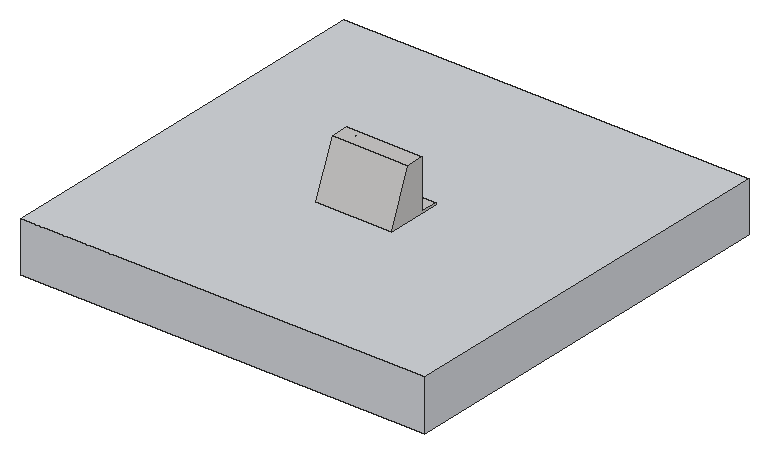
Revit family
Parameters (values of type "1670-1")
  Waste Connection = yes
  WFU = 0
  Voltage = 0
  Vent Connection = no
  VAC - AcornVac System = no
  URL = "http://www.acorneng.com"
  Type Comments = ""
  Tempered Water Connection = no
  TG - 12 Gage Cabinet = no
  TF - Transformer (for up to 12 solenoids) = no
  SW - Wall Sleeve = no
  Revised Date = "03/10/12"
  Phone# = "626-336-4561"
  PT - P-Trap Waste = no
  PBH - Hemispherical Pushbutton = no
  Model = "1670-1"
  Material = 304 Stainless Steel
  Manufacturer = "Acorn Engineering"
  MVC1-BAT - Time-Trol - Single Temp - Battery Operation (Batteries Not Included) = no
  MVC1 - Time-Trol - Single Temp = no
  MT - Metal Template (Only 1 Required Per Project) = no
  MA - Manifolded Air Control Valve (2, 3, 4) = no
  LWE - Lavy Waste Extension (3" Standard) Specify Length Beyond Fixture = no
  LW1 - Lavy Through-Wall Extension With P-Trap = no
  HWFU = 0
  HW Connection = no
  FMT - Fixture Mounted Trim = no
  EVSP1 - Electronic Valve System w/ Piezo Pushbutton = no
  EVS1 - Electronic Valve System - Single Temp = no
  EG - Enviro-Glaze, Specify Color = no
  Designed By = "ATS BIM Team"
  Description = "Drinking Fountain"
  Default Elevation = 40"
  CWFU = 0
  CW Connection = yes
  BPH - Bubbler, Hemispherical = no
  BP - Bubbler, Penal = no
  BC - Bubbler, Code = no
  Assembly Code = ""
  Amperage = 0
  1 - Off-Floor, Wall Outlet = yes
  09 - Punched for Valve by Others (Specify Punching) = no
  03 - Air-Control, Single Temp, Non-Metering = no
Reference planes (in)
  plane 1 "Center (Front/Back)": y = 0
  plane 2: z = 0
  plane 3 "Center (Left/Right)": x = 0
  plane 4: z = 12
  plane 5: y = -9
  plane 6: y = 4
  plane 7: through (0, -4.15169, 12) normal (0, -0.9272, 0.3746)
  plane 8: y = -4.625
Forms (in)
  Extrusion 1, solid
    sketch origin (0, 0, 0) x (1, 0, 0) y (0, 1, 0)
      loop
        line (-48, 48) -> (-48, -48) -> (48, -48) -> (48, 48) -> (-48, 48)
    from 0 to -12
  Extrusion 2, solid, material "304 Stainless Steel" <- "Material"
    sketch origin (-9, 0, 0) x (0, 1, 0) y (0, 0, 1)
      loop
        line (4, 0) -> (4, 0.5) -> (0, 0.5) -> (0, 12) -> (-4.15169, 12) -> (-9, 0) -> (4, 0)
    from 0 to 18
  Extrusion 3, void
    sketch origin (0, 0, 0) x (-1, 0, 0) y (0, 0, 1)
      loop
        arc (-5.82485, 1.67014) -> (-0.30464, 1.04786) -> (5.228, 1.54769) r 27.5
        arc (5.228, 1.54769) -> (6.64042, 2.2416) -> (7.50726, 3.555) r 3
        arc (7.50726, 3.555) -> (8.00143, 6.81717) -> (7.39464, 10.06029) r 9.88626
        arc (7.39464, 10.06029) -> (6.65045, 11.07008) -> (5.48126, 11.5245) r 2.25
        arc (5.48126, 11.5245) -> (0.16961, 11.76613) -> (-5.14328, 11.55345) r 62.22999
        arc (-5.14328, 11.55345) -> (-6.62913, 10.96407) -> (-7.53616, 9.64786) r 2.75
        arc (-7.53616, 9.64786) -> (-7.99406, 6.22773) -> (-7.24863, 2.85855) r 9.88626
        arc (-7.24863, 2.85855) -> (-6.68281, 2.08934) -> (-5.82485, 1.67014) r 2
    from 0 to -3
  Extrusion 4, solid
    sketch origin (0, 0, 0) x (1, 0, 0) y (0, 1, 0)
      loop
        circle (0, -4.625) r 0.75
    from 0 to -3
Cuts and joins
  Extrusion 3 cuts Extrusion 2
Dimensions and locks (in)
  plane 4 to plane 2 = 12"
  plane 1 "Center (Front/Back)" to plane 5 = 9"
  plane 6 to plane 1 "Center (Front/Back)" = 4"
  angle plane 1 "Center (Front/Back)" to plane 7 = 22.00°
  aligned and locked: plane 2 to Extrusion 1
  aligned and locked: level to Extrusion 1
Connectors (in)
  piping at (0, -4.625, -3)
    settings: on Extrusion 4, index 1
